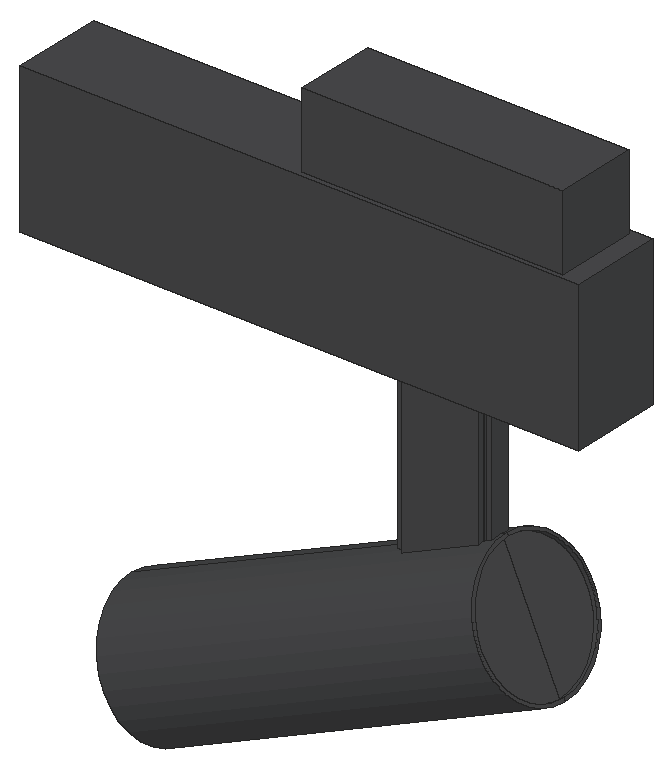
Revit family "DTM15W.1.16", category Luminarias, Revit 2019
Family settings
  Cota de conector redondo = Diámetro de uso
  Tipo de pieza = Normal
  Se basa en plano de trabajo = Sí
  Siempre vertical = Sí
  Corte con vacíos al cargar = No
  Origen de luz = Sí
  Compartido = No
  Punto de cálculo de habitación = No
Parameters (values of type "SPOT RIEL_DTM15W.1.16")
  Ángulo de inclinación = 60.00°
  Zone [instance] = ""
  Watt per fixture = 13.8
  Wattage = 13.8 W
  built-in parameter 1150107 = 3000 (stored number, unit not read)
  built-in parameter 1150110 = 1 (stored number, unit not read)
  built-in parameter 1150109 = 1 (stored number, unit not read)
  built-in parameter 1150112 = 1 (stored number, unit not read)
  built-in parameter 1150113 = 1 (stored number, unit not read)
  built-in parameter 1114218 = 1 (stored number, unit not read)
  Keynote = ""
  built-in parameter 1150137 = (empty or 0)
  built-in parameter 1150132 = (empty or 0)
  Modelo = "DTM15W.1.16"
  Lámpara = "CITIZEN"
  built-in parameter 1150105 = 81.265 (stored number, unit not read)
  built-in parameter 1150102 = (empty or 0)
  built-in parameter 1150106 = 0.81265 (stored number, unit not read)
  Lumens = 1021.2 lm
  Color Filter = 16777215
  built-in parameter 1114217 = 1 (stored number, unit not read)
  built-in parameter 1150139 = (empty or 0)
  Fabricante = "BRILLANT"
  Default Elevation = 1219.2 mm
  built-in parameter 1150104 = 6.8748 (stored number, unit not read)
  Descripción = "LUMINARIA DIRIGIBLE TIPO PUNTUAL DE UN CABEZAL COMPATIBLE CON RIEL DE 6 ENTRADAS Y 3 CIRCUITOS, CUERPO DE ALUMINIO ACABADO EN COLOR NEGRO, IP 20, PESO 0.84Kg, TIPO DE LED CITIZEN CON 13.8W TOTAL, 1024 LUMENES, 74LM/W, IRC 90, TEMPERATURA EN BLANCO CALIDO 3000K, 50 MIL HORAS DE VIDA PROMEDIO, APERTURA DE 16 GRADOS POR PROYECTO, ALIMENTADO A 90-277V/50-60Hz"
  built-in parameter 1150115 = 1 (stored number, unit not read)
  built-in parameter 1150114 = 1 (stored number, unit not read)
  Comentarios de vataje = "90-277V"
  built-in parameter 1150138 = (empty or 0)
  built-in parameter 1150134 = (empty or 0)
  Circuit [instance] = ""
  Dimming Lamp Color Temperature Shift = (empty or 0)
  Archivo de red fotométrica = "TL36-15W-830-B-16_IESNA95.IES"
  built-in parameter 1150133 = 10 (stored number, unit not read)
Types (3, lengths in mm): name | built-in parameter 1150107 | Modelo | Descripción | Archivo de red fotométrica
  SPOT RIEL_DTM15U.1.24 | 2700 (stored number, unit not read) | "DTM15U.1.24" | "LUMINARIA DIRIGIBLE TIPO PUNTUAL DE UN CABEZAL COMPATIBLE CON RIEL DE 6 ENTRADAS Y 3 CIRCUITOS, CUERPO DE ALUMINIO ACABADO EN COLOR NEGRO, IP 20, PESO 0.84Kg, TIPO DE LED CITIZEN CON 13.8W TOTAL, 1024 LUMENES, 74LM/W, IRC 90, TEMPERATURA EN BLANCO CALIDO 2700K, 50 MIL HORAS DE VIDA PROMEDIO, APERTURA DE 24 GRADOS EN STOCK, ALIMENTADO A 90-277V/50-60Hz" | "generic"
  SPOT RIEL_DTM15U.1.16 | 2700 (stored number, unit not read) | "DTM15U.1.16" | "LUMINARIA DIRIGIBLE TIPO PUNTUAL DE UN CABEZAL COMPATIBLE CON RIEL DE 6 ENTRADAS Y 3 CIRCUITOS, CUERPO DE ALUMINIO ACABADO EN COLOR NEGRO, IP 20, PESO 0.84Kg, TIPO DE LED CITIZEN CON 13.8W TOTAL, 1024 LUMENES, 74LM/W, IRC 90, TEMPERATURA EN BLANCO CALIDO 2700K, 50 MIL HORAS DE VIDA PROMEDIO, APERTURA DE 16 GRADOS POR PROYECTO, ALIMENTADO A 90-277V/50-60Hz" | "generic"
  SPOT RIEL_DTM15W.1.16 | 3000 (stored number, unit not read) | "DTM15W.1.16" | "LUMINARIA DIRIGIBLE TIPO PUNTUAL DE UN CABEZAL COMPATIBLE CON RIEL DE 6 ENTRADAS Y 3 CIRCUITOS, CUERPO DE ALUMINIO ACABADO EN COLOR NEGRO, IP 20, PESO 0.84Kg, TIPO DE LED CITIZEN CON 13.8W TOTAL, 1024 LUMENES, 74LM/W, IRC 90, TEMPERATURA EN BLANCO CALIDO 3000K, 50 MIL HORAS DE VIDA PROMEDIO, APERTURA DE 16 GRADOS POR PROYECTO, ALIMENTADO A 90-277V/50-60Hz" | "TL36-15W-830-B-16_IESNA95.IES"
Reference planes
  plane 1 "Centro (Frontal/Posterior)": y = 0
  plane 2: z = 0
  plane 3 "Centro (Izquierda/Derecha)": x = 0
Forms (mm)
  Extrusion 1, solid, material "Default Form"
    sketch origin (0, 0, 0) x (1, 0, 0) y (0, 0, 1)
      loop
        line (-120.5, 0) -> (-120.5, -64) -> (120.5, -64) -> (120.5, 0) -> (-120.5, 0)
    from -20 to 20
  Extrusion 2, solid
    sketch origin (0, 0, 0) x (0, 1, 0) y (0, 0, 1)
      loop
        line (-7.273, 1.74) -> (7.273, 1.74) -> (7.273, 0) -> (15.231, 0) -> (17.006, 4.494) -> (15.021, 4.494) -> (14.058, 5.868) -> (14.058, 7.166) -> (6.473, 7.166) -> (6.473, 9.324) -> (10.169, 10.163) -> (10.169, 12.464) -> (6.473, 13.302) -> (6.473, 16.66) -> (10.169, 17.499) -> (10.169, 19.8) -> (6.473, 20.638) -> (6.473, 25.016) -> (13.839, 25.016) -> (14.514, 24.341) -> (15.775, 24.341) -> (15.775, 27.171) -> (14.73, 27.171) -> (14.058, 26.499) -> (6.473, 26.499) -> (6.473, 27.299) -> (12.377, 27.299) -> (12.377, 31.471) -> (-2.744, 31.471) -> (-2.744, 30.671) -> (-5.514, 30.671) -> (-5.514, 31.471) -> (-12.377, 31.471) -> (-12.377, 27.299) -> (-6.473, 27.299) -> (-6.473, 26.499) -> (-14.058, 26.499) -> (-14.73, 27.171) -> (-15.775, 27.171) -> (-15.775, 24.341) -> (-14.514, 24.341) -> (-13.839, 25.016) -> (-6.473, 25.016) -> (-6.473, 20.638) -> (-10.169, 19.8) -> (-10.169, 17.499) -> (-6.473, 16.66) -> (-6.473, 13.302) -> (-10.169, 12.464) -> (-10.169, 10.163) -> (-6.473, 9.324) -> (-6.473, 7.166) -> (-14.058, 7.166) -> (-14.058, 5.868) -> (-15.021, 4.494) -> (-17.006, 4.494) -> (-15.231, 0) -> (-7.273, 0) -> (-7.273, 1.74)
    from 0 to 111.256
  Revolve 3, solid, material "Default Form"
    sketch origin (-53.809, 0, -47.247) x (0.913545, 0, 0.406737) y (-0.406737, 0, 0.913545)
      loop
        line (-90.696, -178.651) -> (-90.696, -181.199) -> (86.304, -181.199) -> (86.304, -179.827) -> (84.235, -179.827) -> (84.235, -150.199) -> (-76.941, -150.199) -> (-76.941, -178.651) -> (-90.696, -178.651)
      axis (86.304, -150.199) -> (-90.696, -150.199)
    angle from 0 to 360
  Extrusion 4, solid, material "Default Form"
    sketch origin (-2.5, 0, 0) x (1, 0, 0) y (0, 1, 0)
      loop
        line (36.186, 6.873) -> (36.186, 4.211) -> (35.401, 4.211) -> (35.401, 2.934) -> (34.55, 2.934) -> (34.55, 4.211) -> (32.462, 4.211) -> (32.462, -4.55) -> (34.55, -4.55) -> (34.55, -3.273) -> (35.401, -3.273) -> (35.401, -4.55) -> (36.186, -4.55) -> (36.186, -6.873) -> (69.522, -6.873) -> (69.522, -4.55) -> (70.306, -4.55) -> (70.306, -3.273) -> (71.158, -3.273) -> (71.158, -4.55) -> (73.245, -4.55) -> (73.245, 4.211) -> (71.158, 4.211) -> (71.158, 2.934) -> (70.306, 2.934) -> (70.306, 4.211) -> (69.522, 4.211) -> (69.522, 6.873) -> (36.186, 6.873)
    from -140.263 to -64
  Extrusion 5, solid, material "Default Form"
    sketch origin (0, 0, 0) x (1, 0, 0) y (0, 1, 0)
      loop
        line (111.256, 17.006) -> (0, 17.006) -> (0, -17.006) -> (111.256, -17.006) -> (111.256, 17.006)
      loop
        line (112.056, 17.806) -> (-0.8, 17.806) -> (-0.8, -17.806) -> (112.056, -17.806) -> (112.056, 17.806)
    from 0 to 31.471
  Extrusion 6, solid, material "Default Form"
    sketch origin (0, 0, 0) x (1, 0, 0) y (0, 1, 0)
      loop
        line (-0.8, 17.806) -> (-0.8, -17.806) -> (112.056, -17.806) -> (112.056, 17.806) -> (-0.8, 17.806)
    from 31.471 to 32.429
Cuts and joins
  joined: Extrusion 5, Extrusion 6
Dimensions and locks
  equal spacing: Extrusion 1, plane 1 "Centro (Frontal/Posterior)", Extrusion 1
  Extrusion 1 to plane 1 "Centro (Frontal/Posterior)" = 20 mm
  Extrusion 1 to Extrusion 1 = 40 mm
  Extrusion 1 to Extrusion 1 = 64 mm
  aligned and locked: level to plane 2
Automatic sketch dimensions
  Extrusion 1 sketch curve to level = 0 mm
  Extrusion 1 sketch curve to plane 3 "Centro (Izquierda/Derecha)" = 120.5 mm
  plane 3 "Centro (Izquierda/Derecha)" to Extrusion 1 sketch curve = 120.5 mm
  Extrusion 1 sketch curve to level = 64 mm
  Extrusion 2 sketch curve to Extrusion 2 sketch curve = 1.231 mm
  Extrusion 2 sketch curve to Extrusion 2 sketch curve = 1.775 mm
  Extrusion 2 sketch curve to Extrusion 2 sketch curve = 1.985 mm  (x2)
  Extrusion 2 sketch curve to Extrusion 2 sketch curve = 1.045 mm
  Extrusion 2 sketch curve to Extrusion 2 sketch curve = 1.261 mm  (x2)
  Extrusion 2 sketch curve to Extrusion 2 sketch curve = 0.963 mm  (x2)
  Extrusion 2 sketch curve to Extrusion 2 sketch curve = 0.672 mm  (x4)
  Extrusion 2 sketch curve to Extrusion 2 sketch curve = 0.675 mm  (x2)
  Extrusion 2 sketch curve to Extrusion 2 sketch curve = 1.682 mm
  Extrusion 2 sketch curve to Extrusion 2 sketch curve = 3.89 mm  (x2)
  Extrusion 2 sketch curve to Extrusion 2 sketch curve = 0 mm  (x4)
  Extrusion 2 sketch curve to Extrusion 2 sketch curve = 7.958 mm
  Extrusion 2 sketch curve to Extrusion 2 sketch curve = 5.904 mm  (x2)
  Extrusion 2 sketch curve to Extrusion 2 sketch curve = 3.696 mm  (x5)
  Extrusion 2 sketch curve to Extrusion 2 sketch curve = 0.959 mm
  Extrusion 2 sketch curve to Extrusion 2 sketch curve = 2.77 mm
  Extrusion 2 sketch curve to Extrusion 2 sketch curve = 12.946 mm
  level to Extrusion 2 sketch curve = 9.324 mm
  Extrusion 2 sketch curve to Extrusion 2 sketch curve = 0.8 mm  (x4)
  level to Extrusion 2 sketch curve = 10.163 mm
  Extrusion 2 sketch curve to Extrusion 2 sketch curve = 1.462 mm
  Extrusion 2 sketch curve to Extrusion 2 sketch curve = 0.22 mm
  level to Extrusion 2 sketch curve = 5.868 mm
  Extrusion 2 sketch curve to level = 0 mm  (x2)
  Extrusion 2 sketch curve to Extrusion 2 sketch curve = 0.21 mm
  level to Extrusion 2 sketch curve = 4.494 mm
  Extrusion 2 sketch curve to Extrusion 2 sketch curve = 4.494 mm
  Extrusion 2 sketch curve to Extrusion 2 sketch curve = 1.375 mm
  Extrusion 2 sketch curve to Extrusion 2 sketch curve = 1.298 mm  (x2)
  Extrusion 2 sketch curve to Extrusion 2 sketch curve = 2.158 mm
  Extrusion 2 sketch curve to Extrusion 2 sketch curve = 0.839 mm  (x7)
  Extrusion 2 sketch curve to Extrusion 2 sketch curve = 2.301 mm  (x4)
  Extrusion 2 sketch curve to Extrusion 2 sketch curve = 3.358 mm  (x2)
  Extrusion 2 sketch curve to Extrusion 2 sketch curve = 4.541 mm  (x2)
  Extrusion 2 sketch curve to Extrusion 2 sketch curve = 4.378 mm  (x2)
  Extrusion 2 sketch curve to Extrusion 2 sketch curve = 1.483 mm  (x2)
  Extrusion 2 sketch curve to Extrusion 2 sketch curve = 3.372 mm
  Extrusion 2 sketch curve to Extrusion 2 sketch curve = 4.172 mm
  Extrusion 2 sketch curve to Extrusion 2 sketch curve = 1.74 mm
  plane 1 "Centro (Frontal/Posterior)" to Extrusion 2 sketch curve = 17.006 mm
  Revolve 3 sketch curve to plane 3 "Centro (Izquierda/Derecha)" = 62.963 mm
  Revolve 3 sketch curve to level = 249.67 mm
  Revolve 3 sketch curve to Revolve 3 sketch curve = 13.755 mm
  Revolve 3 sketch curve to Revolve 3 sketch curve = 161.175 mm
  Revolve 3 sketch curve to Revolve 3 sketch curve = 2.069 mm
  Revolve 3 sketch curve to Revolve 3 sketch curve = 1.372 mm
  Revolve 3 sketch curve to Revolve 3 sketch curve = 2.548 mm
  Revolve 3 sketch curve to Revolve 3 sketch curve = 29.628 mm
  Revolve 3 sketch curve to Revolve 3 sketch curve = 23.825 mm
  Revolve 3 sketch curve to Revolve 3 sketch curve = 0 mm  (x2)
  Extrusion 5 sketch curve to plane 3 "Centro (Izquierda/Derecha)" = 0 mm
  plane 1 "Centro (Frontal/Posterior)" to Extrusion 5 sketch curve = 17.006 mm
  plane 3 "Centro (Izquierda/Derecha)" to Extrusion 5 sketch curve = 111.256 mm
  Extrusion 5 sketch curve to plane 1 "Centro (Frontal/Posterior)" = 17.006 mm
  Extrusion 5 sketch curve to Extrusion 5 sketch curve = 0.8 mm  (x3)
  Extrusion 5 sketch curve to plane 3 "Centro (Izquierda/Derecha)" = 0.8 mm
  Extrusion 6 sketch curve to plane 3 "Centro (Izquierda/Derecha)" = 0.8 mm
  plane 1 "Centro (Frontal/Posterior)" to Extrusion 6 sketch curve = 17.806 mm
  plane 3 "Centro (Izquierda/Derecha)" to Extrusion 6 sketch curve = 112.056 mm
  Extrusion 6 sketch curve to plane 1 "Centro (Frontal/Posterior)" = 17.806 mm
  plane 1 "Centro (Frontal/Posterior)" to Extrusion 4 sketch curve = 4.55 mm
  plane 3 "Centro (Izquierda/Derecha)" to Extrusion 4 sketch curve = 29.962 mm
  Extrusion 4 sketch curve to Extrusion 4 sketch curve = 2.088 mm  (x3)
  Extrusion 4 sketch curve to Extrusion 4 sketch curve = 0.851 mm  (x4)
  Extrusion 4 sketch curve to Extrusion 4 sketch curve = 0.785 mm  (x4)
  Extrusion 4 sketch curve to plane 1 "Centro (Frontal/Posterior)" = 4.211 mm
  Extrusion 4 sketch curve to Extrusion 4 sketch curve = 33.336 mm
  Extrusion 4 sketch curve to Extrusion 4 sketch curve = 0 mm  (x5)
  plane 1 "Centro (Frontal/Posterior)" to Extrusion 4 sketch curve = 6.873 mm
  Extrusion 4 sketch curve to Extrusion 4 sketch curve = 2.323 mm
  Extrusion 4 sketch curve to Extrusion 4 sketch curve = 1.277 mm  (x4)
  Extrusion 4 sketch curve to plane 1 "Centro (Frontal/Posterior)" = 2.934 mm
  Extrusion 4 sketch curve to Extrusion 4 sketch curve = 2.662 mm
